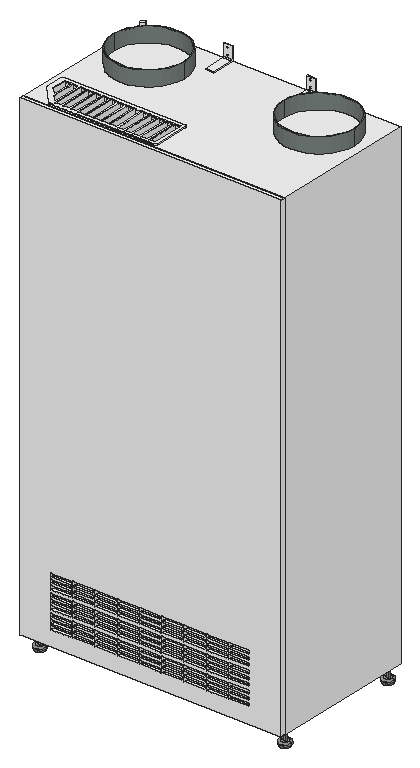
Revit family "AME 900 F VV", category Mechanical Equipment, Revit 2019
Family settings
  Round Connector Dimension = Use Diameter
  Part Type = Normal
  OmniClass Number = 23.75.00.00
  OmniClass Title = Climate Control (HVAC)
  Work Plane-Based = No
  Always vertical = Yes
  Cut with Voids When Loaded = No
  Shared = No
  Room Calculation Point = No
Parameters
  Weight (Standard Unit) = 301.5  # constant formula
  Water heating surface in = "1/2\" (DN 15)"
  Water heating surface Return = "1/2\" (DN 15)"
  Water Heater Surface Return = 15 mm  # constant formula
  Water Heater Surface IN = 15 mm  # constant formula
  Version = "1.0"
  URL = "www.airmaster-as.com"
  Total Width = 1150 mm  # constant formula
  Total Hight = 2121 mm  # constant formula
  Suply Air In = 315 mm  # constant formula
  Publication date = "01.09.2024"
  Phase 1 - Max Power Consumption = "2.790 w"
  Phase 1 - Max Current = "12,7A"
  Nominal current, electrical preheating surface = "6,5 A"
  Nominal current, electrical comfort heating surface = "4,4 A"
  Nominal current, air handling unit = "1,8 A"
  Network Conection = "AWG 24 CAT 5e STP"
  Model = "AME 900 F VV"
  Max. flow rate 35 dB(A) with ePM10 55% filters = 912.00 m³  # constant formula
  Max. flow rate 35 dB(A) with ePM10 50% filters = 915.00 m³  # constant formula
  Max. flow rate 30 dB(A) with ePM10 55% filters = 715.00 m³  # constant formula
  Max. flow rate 30 dB(A) with ePM10 50% filters = 730.00 m³  # constant formula
  Manufacturer = "Airmaster A/S"
  Maintenance [instance] = no
  Exhaust Air = 315 mm  # constant formula
  Total Depth = 660 mm  # constant formula
  Electrical connection = "1 ~ 230 V / N / PE / 50 Hz"
  Drawn By = "LSB"
  Condensate conector = "Ø6/9 mm"
  Condensate = 9 mm  # constant formula
  BMS Panel = "(PTS) 2x2x0,6"
  BMS Out = "(PTS) 2x2x0,6"
  BMS IN = "(PTS) 2x2x0,6"
  Airflow area [instance] = no
  Air flow area [instance] = Airflow
Reference planes
  plane 1 "Center (Front/Back)": y = 0
  plane 2: z = 0
  plane 3 "Center (Left/Right)": x = 0
  plane 4 "Center L/S": y = -660
  plane 5 "Center L/T": x = -575
  plane 6 "Center L/U": x = 575
  plane 7: y = -26
Forms (mm)
  Extrusion 1, solid, material "AM White"
    sketch origin (0, 0, 73.598) x (1, 0, 0) y (0, 1, 0)
      loop
        line (-575, 0) -> (-575, -640) -> (575, -640) -> (575, 0) -> (-575, 0)
    from 0 to 2120
  Extrusion 2, solid, material "AM White", detail levels fine
    sketch origin (0, -660, 73.598) x (1, 0, 0) y (0, 0, -1)
      loop
        arc (-572.5, 0) -> (-574.268, -0.732) -> (-575, -2.5) r 2.5
        line (-575, -2.5) -> (-575, -2117.5)
        arc (-575, -2117.5) -> (-574.268, -2119.268) -> (-572.5, -2120) r 2.5
        line (-572.5, -2120) -> (572.5, -2120)
        arc (572.5, -2120) -> (574.268, -2119.268) -> (575, -2117.5) r 2.5
        line (575, -2117.5) -> (575, -2.5)
        arc (575, -2.5) -> (574.268, -0.732) -> (572.5, 0) r 2.5
        line (572.5, 0) -> (-572.5, 0)
    from 0 to 20
  Extrusion 3, solid, material "AM White", detail levels fine
    sketch origin (-164, -474.5, 72.198) x (0, 1, 0) y (0, 0, -1)
      loop
        arc (474.5, -2128.4) -> (472.743, -2124.157) -> (468.5, -2122.4) r 6
        line (468.5, -2122.4) -> (369.5, -2122.4) -> (369.5, -2125.4) -> (468.5, -2125.4)
        arc (468.5, -2125.4) -> (470.621, -2126.279) -> (471.5, -2128.4) r 3
        line (471.5, -2128.4) -> (471.5, -2181.4) -> (474.5, -2181.4) -> (474.5, -2128.4)
    from 0 to 38
  Extrusion 4, solid, material "AM White", detail levels fine
    sketch origin (202, -474.5, 72.198) x (0, 1, 0) y (0, 0, -1)
      loop
        arc (474.5, -2128.4) -> (472.743, -2124.157) -> (468.5, -2122.4) r 6
        line (468.5, -2122.4) -> (369.5, -2122.4) -> (369.5, -2125.4) -> (468.5, -2125.4)
        arc (468.5, -2125.4) -> (470.621, -2126.279) -> (471.5, -2128.4) r 3
        line (471.5, -2128.4) -> (471.5, -2181.4) -> (474.5, -2181.4) -> (474.5, -2128.4)
    from 0 to 38
  Extrusion 5, void
    sketch origin (0, -660, 108.598) x (1, 0, 0) y (0, 0, -1)
      loop
        arc (-438.016, -35) -> (-438.712, -35.288) -> (-439, -35.984) r 0.984
        line (-439, -35.984) -> (-439, -53.016)
        arc (-439, -53.016) -> (-438.712, -53.712) -> (-438.016, -54) r 0.984
        line (-438.016, -54) -> (-346.984, -54)
        arc (-346.984, -54) -> (-346.288, -53.712) -> (-346, -53.016) r 0.984
        line (-346, -53.016) -> (-346, -35.984)
        arc (-346, -35.984) -> (-346.288, -35.288) -> (-346.984, -35) r 0.984
        line (-346.984, -35) -> (-438.016, -35)
      loop
        arc (-438.016, -59) -> (-438.712, -59.288) -> (-439, -59.984) r 0.984
        line (-439, -59.984) -> (-439, -77.016)
        arc (-439, -77.016) -> (-438.712, -77.712) -> (-438.016, -78) r 0.984
        line (-438.016, -78) -> (-346.984, -78)
        arc (-346.984, -78) -> (-346.288, -77.712) -> (-346, -77.016) r 0.984
        line (-346, -77.016) -> (-346, -59.984)
        arc (-346, -59.984) -> (-346.288, -59.288) -> (-346.984, -59) r 0.984
        line (-346.984, -59) -> (-438.016, -59)
      loop
        arc (-438.016, -83) -> (-438.712, -83.288) -> (-439, -83.984) r 0.984
        line (-439, -83.984) -> (-439, -101.016)
        arc (-439, -101.016) -> (-438.712, -101.712) -> (-438.016, -102) r 0.984
        line (-438.016, -102) -> (-346.984, -102)
        arc (-346.984, -102) -> (-346.288, -101.712) -> (-346, -101.016) r 0.984
        line (-346, -101.016) -> (-346, -83.984)
        arc (-346, -83.984) -> (-346.288, -83.288) -> (-346.984, -83) r 0.984
        line (-346.984, -83) -> (-438.016, -83)
      loop
        arc (-438.016, -114) -> (-438.712, -114.288) -> (-439, -114.984) r 0.984
        line (-439, -114.984) -> (-439, -132.016)
        arc (-439, -132.016) -> (-438.712, -132.712) -> (-438.016, -133) r 0.984
        line (-438.016, -133) -> (-346.984, -133)
        arc (-346.984, -133) -> (-346.288, -132.712) -> (-346, -132.016) r 0.984
        line (-346, -132.016) -> (-346, -114.984)
        arc (-346, -114.984) -> (-346.288, -114.288) -> (-346.984, -114) r 0.984
        line (-346.984, -114) -> (-438.016, -114)
      loop
        arc (-438.016, -138) -> (-438.712, -138.288) -> (-439, -138.984) r 0.984
        line (-439, -138.984) -> (-439, -156.016)
        arc (-439, -156.016) -> (-438.712, -156.712) -> (-438.016, -157) r 0.984
        line (-438.016, -157) -> (-346.984, -157)
        arc (-346.984, -157) -> (-346.288, -156.712) -> (-346, -156.016) r 0.984
        line (-346, -156.016) -> (-346, -138.984)
        arc (-346, -138.984) -> (-346.288, -138.288) -> (-346.984, -138) r 0.984
        line (-346.984, -138) -> (-438.016, -138)
      loop
        arc (-438.016, -162) -> (-438.712, -162.288) -> (-439, -162.984) r 0.984
        line (-439, -162.984) -> (-439, -180.016)
        arc (-439, -180.016) -> (-438.712, -180.712) -> (-438.016, -181) r 0.984
        line (-438.016, -181) -> (-346.984, -181)
        arc (-346.984, -181) -> (-346.288, -180.712) -> (-346, -180.016) r 0.984
        line (-346, -180.016) -> (-346, -162.984)
        arc (-346, -162.984) -> (-346.288, -162.288) -> (-346.984, -162) r 0.984
        line (-346.984, -162) -> (-438.016, -162)
      loop
        arc (-438.016, -193) -> (-438.712, -193.288) -> (-439, -193.984) r 0.984
        line (-439, -193.984) -> (-439, -211.016)
        arc (-439, -211.016) -> (-438.712, -211.712) -> (-438.016, -212) r 0.984
        line (-438.016, -212) -> (-346.984, -212)
        arc (-346.984, -212) -> (-346.288, -211.712) -> (-346, -211.016) r 0.984
        line (-346, -211.016) -> (-346, -193.984)
        arc (-346, -193.984) -> (-346.288, -193.288) -> (-346.984, -193) r 0.984
        line (-346.984, -193) -> (-438.016, -193)
      loop
        arc (-438.016, -217) -> (-438.712, -217.288) -> (-439, -217.984) r 0.984
        line (-439, -217.984) -> (-439, -235.016)
        arc (-439, -235.016) -> (-438.712, -235.712) -> (-438.016, -236) r 0.984
        line (-438.016, -236) -> (-346.984, -236)
        arc (-346.984, -236) -> (-346.288, -235.712) -> (-346, -235.016) r 0.984
        line (-346, -235.016) -> (-346, -217.984)
        arc (-346, -217.984) -> (-346.288, -217.288) -> (-346.984, -217) r 0.984
        line (-346.984, -217) -> (-438.016, -217)
      loop
        arc (-438.016, -241) -> (-438.712, -241.288) -> (-439, -241.984) r 0.984
        line (-439, -241.984) -> (-439, -259.016)
        arc (-439, -259.016) -> (-438.712, -259.712) -> (-438.016, -260) r 0.984
        line (-438.016, -260) -> (-346.984, -260)
        arc (-346.984, -260) -> (-346.288, -259.712) -> (-346, -259.016) r 0.984
        line (-346, -259.016) -> (-346, -241.984)
        arc (-346, -241.984) -> (-346.288, -241.288) -> (-346.984, -241) r 0.984
        line (-346.984, -241) -> (-438.016, -241)
      loop
        arc (-340.016, -35) -> (-340.712, -35.288) -> (-341, -35.984) r 0.984
        line (-341, -35.984) -> (-341, -53.016)
        arc (-341, -53.016) -> (-340.712, -53.712) -> (-340.016, -54) r 0.984
        line (-340.016, -54) -> (-248.984, -54)
        arc (-248.984, -54) -> (-248.288, -53.712) -> (-248, -53.016) r 0.984
        line (-248, -53.016) -> (-248, -35.984)
        arc (-248, -35.984) -> (-248.288, -35.288) -> (-248.984, -35) r 0.984
        line (-248.984, -35) -> (-340.016, -35)
      loop
        arc (-340.016, -59) -> (-340.712, -59.288) -> (-341, -59.984) r 0.984
        line (-341, -59.984) -> (-341, -77.016)
        arc (-341, -77.016) -> (-340.712, -77.712) -> (-340.016, -78) r 0.984
        line (-340.016, -78) -> (-248.984, -78)
        arc (-248.984, -78) -> (-248.288, -77.712) -> (-248, -77.016) r 0.984
        line (-248, -77.016) -> (-248, -59.984)
        arc (-248, -59.984) -> (-248.288, -59.288) -> (-248.984, -59) r 0.984
        line (-248.984, -59) -> (-340.016, -59)
      loop
        arc (-340.016, -83) -> (-340.712, -83.288) -> (-341, -83.984) r 0.984
        line (-341, -83.984) -> (-341, -101.016)
        arc (-341, -101.016) -> (-340.712, -101.712) -> (-340.016, -102) r 0.984
        line (-340.016, -102) -> (-248.984, -102)
        arc (-248.984, -102) -> (-248.288, -101.712) -> (-248, -101.016) r 0.984
        line (-248, -101.016) -> (-248, -83.984)
        arc (-248, -83.984) -> (-248.288, -83.288) -> (-248.984, -83) r 0.984
        line (-248.984, -83) -> (-340.016, -83)
      loop
        arc (-340.016, -114) -> (-340.712, -114.288) -> (-341, -114.984) r 0.984
        line (-341, -114.984) -> (-341, -132.016)
        arc (-341, -132.016) -> (-340.712, -132.712) -> (-340.016, -133) r 0.984
        line (-340.016, -133) -> (-248.984, -133)
        arc (-248.984, -133) -> (-248.288, -132.712) -> (-248, -132.016) r 0.984
        line (-248, -132.016) -> (-248, -114.984)
        arc (-248, -114.984) -> (-248.288, -114.288) -> (-248.984, -114) r 0.984
        line (-248.984, -114) -> (-340.016, -114)
      loop
        arc (-340.016, -138) -> (-340.712, -138.288) -> (-341, -138.984) r 0.984
        line (-341, -138.984) -> (-341, -156.016)
        arc (-341, -156.016) -> (-340.712, -156.712) -> (-340.016, -157) r 0.984
        line (-340.016, -157) -> (-248.984, -157)
        arc (-248.984, -157) -> (-248.288, -156.712) -> (-248, -156.016) r 0.984
        line (-248, -156.016) -> (-248, -138.984)
        arc (-248, -138.984) -> (-248.288, -138.288) -> (-248.984, -138) r 0.984
        line (-248.984, -138) -> (-340.016, -138)
      loop
        arc (-340.016, -162) -> (-340.712, -162.288) -> (-341, -162.984) r 0.984
        line (-341, -162.984) -> (-341, -180.016)
        arc (-341, -180.016) -> (-340.712, -180.712) -> (-340.016, -181) r 0.984
        line (-340.016, -181) -> (-248.984, -181)
        arc (-248.984, -181) -> (-248.288, -180.712) -> (-248, -180.016) r 0.984
        line (-248, -180.016) -> (-248, -162.984)
        arc (-248, -162.984) -> (-248.288, -162.288) -> (-248.984, -162) r 0.984
        line (-248.984, -162) -> (-340.016, -162)
      loop
        arc (-340.016, -193) -> (-340.712, -193.288) -> (-341, -193.984) r 0.984
        line (-341, -193.984) -> (-341, -211.016)
        arc (-341, -211.016) -> (-340.712, -211.712) -> (-340.016, -212) r 0.984
        line (-340.016, -212) -> (-248.984, -212)
        arc (-248.984, -212) -> (-248.288, -211.712) -> (-248, -211.016) r 0.984
        line (-248, -211.016) -> (-248, -193.984)
        arc (-248, -193.984) -> (-248.288, -193.288) -> (-248.984, -193) r 0.984
        line (-248.984, -193) -> (-340.016, -193)
      loop
        arc (-340.016, -217) -> (-340.712, -217.288) -> (-341, -217.984) r 0.984
        line (-341, -217.984) -> (-341, -235.016)
        arc (-341, -235.016) -> (-340.712, -235.712) -> (-340.016, -236) r 0.984
        line (-340.016, -236) -> (-248.984, -236)
        arc (-248.984, -236) -> (-248.288, -235.712) -> (-248, -235.016) r 0.984
        line (-248, -235.016) -> (-248, -217.984)
        arc (-248, -217.984) -> (-248.288, -217.288) -> (-248.984, -217) r 0.984
        line (-248.984, -217) -> (-340.016, -217)
      loop
        arc (-340.016, -241) -> (-340.712, -241.288) -> (-341, -241.984) r 0.984
        line (-341, -241.984) -> (-341, -259.016)
        arc (-341, -259.016) -> (-340.712, -259.712) -> (-340.016, -260) r 0.984
        line (-340.016, -260) -> (-248.984, -260)
        arc (-248.984, -260) -> (-248.288, -259.712) -> (-248, -259.016) r 0.984
        line (-248, -259.016) -> (-248, -241.984)
        arc (-248, -241.984) -> (-248.288, -241.288) -> (-248.984, -241) r 0.984
        line (-248.984, -241) -> (-340.016, -241)
      loop
        arc (-242.016, -35) -> (-242.712, -35.288) -> (-243, -35.984) r 0.984
        line (-243, -35.984) -> (-243, -53.016)
        arc (-243, -53.016) -> (-242.712, -53.712) -> (-242.016, -54) r 0.984
        line (-242.016, -54) -> (-150.984, -54)
        arc (-150.984, -54) -> (-150.288, -53.712) -> (-150, -53.016) r 0.984
        line (-150, -53.016) -> (-150, -35.984)
        arc (-150, -35.984) -> (-150.288, -35.288) -> (-150.984, -35) r 0.984
        line (-150.984, -35) -> (-242.016, -35)
      loop
        arc (-242.016, -59) -> (-242.712, -59.288) -> (-243, -59.984) r 0.984
        line (-243, -59.984) -> (-243, -77.016)
        arc (-243, -77.016) -> (-242.712, -77.712) -> (-242.016, -78) r 0.984
        line (-242.016, -78) -> (-150.984, -78)
        arc (-150.984, -78) -> (-150.288, -77.712) -> (-150, -77.016) r 0.984
        line (-150, -77.016) -> (-150, -59.984)
        arc (-150, -59.984) -> (-150.288, -59.288) -> (-150.984, -59) r 0.984
        line (-150.984, -59) -> (-242.016, -59)
      loop
        arc (-242.016, -83) -> (-242.712, -83.288) -> (-243, -83.984) r 0.984
        line (-243, -83.984) -> (-243, -101.016)
        arc (-243, -101.016) -> (-242.712, -101.712) -> (-242.016, -102) r 0.984
        line (-242.016, -102) -> (-150.984, -102)
        arc (-150.984, -102) -> (-150.288, -101.712) -> (-150, -101.016) r 0.984
        line (-150, -101.016) -> (-150, -83.984)
        arc (-150, -83.984) -> (-150.288, -83.288) -> (-150.984, -83) r 0.984
        line (-150.984, -83) -> (-242.016, -83)
      loop
        arc (-242.016, -114) -> (-242.712, -114.288) -> (-243, -114.984) r 0.984
        line (-243, -114.984) -> (-243, -132.016)
        arc (-243, -132.016) -> (-242.712, -132.712) -> (-242.016, -133) r 0.984
        line (-242.016, -133) -> (-150.984, -133)
        arc (-150.984, -133) -> (-150.288, -132.712) -> (-150, -132.016) r 0.984
        line (-150, -132.016) -> (-150, -114.984)
        arc (-150, -114.984) -> (-150.288, -114.288) -> (-150.984, -114) r 0.984
        line (-150.984, -114) -> (-242.016, -114)
      loop
        arc (-242.016, -138) -> (-242.712, -138.288) -> (-243, -138.984) r 0.984
        line (-243, -138.984) -> (-243, -156.016)
        arc (-243, -156.016) -> (-242.712, -156.712) -> (-242.016, -157) r 0.984
        line (-242.016, -157) -> (-150.984, -157)
        arc (-150.984, -157) -> (-150.288, -156.712) -> (-150, -156.016) r 0.984
        line (-150, -156.016) -> (-150, -138.984)
        arc (-150, -138.984) -> (-150.288, -138.288) -> (-150.984, -138) r 0.984
        line (-150.984, -138) -> (-242.016, -138)
      loop
        arc (-242.016, -162) -> (-242.712, -162.288) -> (-243, -162.984) r 0.984
        line (-243, -162.984) -> (-243, -180.016)
        arc (-243, -180.016) -> (-242.712, -180.712) -> (-242.016, -181) r 0.984
        line (-242.016, -181) -> (-150.984, -181)
        arc (-150.984, -181) -> (-150.288, -180.712) -> (-150, -180.016) r 0.984
        line (-150, -180.016) -> (-150, -162.984)
        arc (-150, -162.984) -> (-150.288, -162.288) -> (-150.984, -162) r 0.984
        line (-150.984, -162) -> (-242.016, -162)
      loop
        arc (-242.016, -193) -> (-242.712, -193.288) -> (-243, -193.984) r 0.984
        line (-243, -193.984) -> (-243, -211.016)
        arc (-243, -211.016) -> (-242.712, -211.712) -> (-242.016, -212) r 0.984
        line (-242.016, -212) -> (-150.984, -212)
        arc (-150.984, -212) -> (-150.288, -211.712) -> (-150, -211.016) r 0.984
        line (-150, -211.016) -> (-150, -193.984)
        arc (-150, -193.984) -> (-150.288, -193.288) -> (-150.984, -193) r 0.984
        line (-150.984, -193) -> (-242.016, -193)
      loop
        arc (-242.016, -217) -> (-242.712, -217.288) -> (-243, -217.984) r 0.984
        line (-243, -217.984) -> (-243, -235.016)
        arc (-243, -235.016) -> (-242.712, -235.712) -> (-242.016, -236) r 0.984
        line (-242.016, -236) -> (-150.984, -236)
        arc (-150.984, -236) -> (-150.288, -235.712) -> (-150, -235.016) r 0.984
        line (-150, -235.016) -> (-150, -217.984)
        arc (-150, -217.984) -> (-150.288, -217.288) -> (-150.984, -217) r 0.984
        line (-150.984, -217) -> (-242.016, -217)
      loop
        arc (-242.016, -241) -> (-242.712, -241.288) -> (-243, -241.984) r 0.984
        line (-243, -241.984) -> (-243, -259.016)
        arc (-243, -259.016) -> (-242.712, -259.712) -> (-242.016, -260) r 0.984
        line (-242.016, -260) -> (-150.984, -260)
        arc (-150.984, -260) -> (-150.288, -259.712) -> (-150, -259.016) r 0.984
        line (-150, -259.016) -> (-150, -241.984)
        arc (-150, -241.984) -> (-150.288, -241.288) -> (-150.984, -241) r 0.984
        line (-150.984, -241) -> (-242.016, -241)
      loop
        arc (-144.016, -35) -> (-144.712, -35.288) -> (-145, -35.984) r 0.984
        line (-145, -35.984) -> (-145, -53.016)
        arc (-145, -53.016) -> (-144.712, -53.712) -> (-144.016, -54) r 0.984
        line (-144.016, -54) -> (-52.984, -54)
        arc (-52.984, -54) -> (-52.288, -53.712) -> (-52, -53.016) r 0.984
        line (-52, -53.016) -> (-52, -35.984)
        arc (-52, -35.984) -> (-52.288, -35.288) -> (-52.984, -35) r 0.984
        line (-52.984, -35) -> (-144.016, -35)
      loop
        arc (-144.016, -59) -> (-144.712, -59.288) -> (-145, -59.984) r 0.984
        line (-145, -59.984) -> (-145, -77.016)
        arc (-145, -77.016) -> (-144.712, -77.712) -> (-144.016, -78) r 0.984
        line (-144.016, -78) -> (-52.984, -78)
        arc (-52.984, -78) -> (-52.288, -77.712) -> (-52, -77.016) r 0.984
        line (-52, -77.016) -> (-52, -59.984)
        arc (-52, -59.984) -> (-52.288, -59.288) -> (-52.984, -59) r 0.984
        line (-52.984, -59) -> (-144.016, -59)
      loop
        arc (-144.016, -83) -> (-144.712, -83.288) -> (-145, -83.984) r 0.984
        line (-145, -83.984) -> (-145, -101.016)
        arc (-145, -101.016) -> (-144.712, -101.712) -> (-144.016, -102) r 0.984
        line (-144.016, -102) -> (-52.984, -102)
        arc (-52.984, -102) -> (-52.288, -101.712) -> (-52, -101.016) r 0.984
        line (-52, -101.016) -> (-52, -83.984)
        arc (-52, -83.984) -> (-52.288, -83.288) -> (-52.984, -83) r 0.984
        line (-52.984, -83) -> (-144.016, -83)
      loop
        arc (-144.016, -114) -> (-144.712, -114.288) -> (-145, -114.984) r 0.984
        line (-145, -114.984) -> (-145, -132.016)
        arc (-145, -132.016) -> (-144.712, -132.712) -> (-144.016, -133) r 0.984
        line (-144.016, -133) -> (-52.984, -133)
        arc (-52.984, -133) -> (-52.288, -132.712) -> (-52, -132.016) r 0.984
        line (-52, -132.016) -> (-52, -114.984)
        arc (-52, -114.984) -> (-52.288, -114.288) -> (-52.984, -114) r 0.984
        line (-52.984, -114) -> (-144.016, -114)
      loop
        arc (-144.016, -138) -> (-144.712, -138.288) -> (-145, -138.984) r 0.984
        line (-145, -138.984) -> (-145, -156.016)
        arc (-145, -156.016) -> (-144.712, -156.712) -> (-144.016, -157) r 0.984
        line (-144.016, -157) -> (-52.984, -157)
        arc (-52.984, -157) -> (-52.288, -156.712) -> (-52, -156.016) r 0.984
        line (-52, -156.016) -> (-52, -138.984)
        arc (-52, -138.984) -> (-52.288, -138.288) -> (-52.984, -138) r 0.984
        line (-52.984, -138) -> (-144.016, -138)
      loop
        arc (-144.016, -162) -> (-144.712, -162.288) -> (-145, -162.984) r 0.984
        line (-145, -162.984) -> (-145, -180.016)
        arc (-145, -180.016) -> (-144.712, -180.712) -> (-144.016, -181) r 0.984
        line (-144.016, -181) -> (-52.984, -181)
        arc (-52.984, -181) -> (-52.288, -180.712) -> (-52, -180.016) r 0.984
        line (-52, -180.016) -> (-52, -162.984)
        arc (-52, -162.984) -> (-52.288, -162.288) -> (-52.984, -162) r 0.984
        line (-52.984, -162) -> (-144.016, -162)
      loop
        arc (-144.016, -193) -> (-144.712, -193.288) -> (-145, -193.984) r 0.984
        line (-145, -193.984) -> (-145, -211.016)
        arc (-145, -211.016) -> (-144.712, -211.712) -> (-144.016, -212) r 0.984
        line (-144.016, -212) -> (-52.984, -212)
        arc (-52.984, -212) -> (-52.288, -211.712) -> (-52, -211.016) r 0.984
        line (-52, -211.016) -> (-52, -193.984)
        arc (-52, -193.984) -> (-52.288, -193.288) -> (-52.984, -193) r 0.984
        line (-52.984, -193) -> (-144.016, -193)
      loop
        arc (-144.016, -217) -> (-144.712, -217.288) -> (-145, -217.984) r 0.984
        line (-145, -217.984) -> (-145, -235.016)
        arc (-145, -235.016) -> (-144.712, -235.712) -> (-144.016, -236) r 0.984
        line (-144.016, -236) -> (-52.984, -236)
        arc (-52.984, -236) -> (-52.288, -235.712) -> (-52, -235.016) r 0.984
        line (-52, -235.016) -> (-52, -217.984)
        arc (-52, -217.984) -> (-52.288, -217.288) -> (-52.984, -217) r 0.984
        line (-52.984, -217) -> (-144.016, -217)
      loop
        arc (-144.016, -241) -> (-144.712, -241.288) -> (-145, -241.984) r 0.984
        line (-145, -241.984) -> (-145, -259.016)
        arc (-145, -259.016) -> (-144.712, -259.712) -> (-144.016, -260) r 0.984
        line (-144.016, -260) -> (-52.984, -260)
        arc (-52.984, -260) -> (-52.288, -259.712) -> (-52, -259.016) r 0.984
        line (-52, -259.016) -> (-52, -241.984)
        arc (-52, -241.984) -> (-52.288, -241.288) -> (-52.984, -241) r 0.984
        line (-52.984, -241) -> (-144.016, -241)
      loop
        arc (-46.016, -35) -> (-46.712, -35.288) -> (-47, -35.984) r 0.984
        line (-47, -35.984) -> (-47, -53.016)
        arc (-47, -53.016) -> (-46.712, -53.712) -> (-46.016, -54) r 0.984
        line (-46.016, -54) -> (45.016, -54)
        arc (45.016, -54) -> (45.712, -53.712) -> (46, -53.016) r 0.984
        line (46, -53.016) -> (46, -35.984)
        arc (46, -35.984) -> (45.712, -35.288) -> (45.016, -35) r 0.984
        line (45.016, -35) -> (-46.016, -35)
      loop
        arc (-46.016, -59) -> (-46.712, -59.288) -> (-47, -59.984) r 0.984
        line (-47, -59.984) -> (-47, -77.016)
        arc (-47, -77.016) -> (-46.712, -77.712) -> (-46.016, -78) r 0.984
        line (-46.016, -78) -> (45.016, -78)
        arc (45.016, -78) -> (45.712, -77.712) -> (46, -77.016) r 0.984
        line (46, -77.016) -> (46, -59.984)
        arc (46, -59.984) -> (45.712, -59.288) -> (45.016, -59) r 0.984
        line (45.016, -59) -> (-46.016, -59)
      loop
        arc (-46.016, -83) -> (-46.712, -83.288) -> (-47, -83.984) r 0.984
        line (-47, -83.984) -> (-47, -101.016)
        arc (-47, -101.016) -> (-46.712, -101.712) -> (-46.016, -102) r 0.984
        line (-46.016, -102) -> (45.016, -102)
        arc (45.016, -102) -> (45.712, -101.712) -> (46, -101.016) r 0.984
        line (46, -101.016) -> (46, -83.984)
        arc (46, -83.984) -> (45.712, -83.288) -> (45.016, -83) r 0.984
        line (45.016, -83) -> (-46.016, -83)
      loop
        arc (-46.016, -114) -> (-46.712, -114.288) -> (-47, -114.984) r 0.984
        line (-47, -114.984) -> (-47, -132.016)
        arc (-47, -132.016) -> (-46.712, -132.712) -> (-46.016, -133) r 0.984
        line (-46.016, -133) -> (45.016, -133)
        arc (45.016, -133) -> (45.712, -132.712) -> (46, -132.016) r 0.984
        line (46, -132.016) -> (46, -114.984)
        arc (46, -114.984) -> (45.712, -114.288) -> (45.016, -114) r 0.984
        line (45.016, -114) -> (-46.016, -114)
      loop
        arc (-46.016, -138) -> (-46.712, -138.288) -> (-47, -138.984) r 0.984
        line (-47, -138.984) -> (-47, -156.016)
        arc (-47, -156.016) -> (-46.712, -156.712) -> (-46.016, -157) r 0.984
        line (-46.016, -157) -> (45.016, -157)
        arc (45.016, -157) -> (45.712, -156.712) -> (46, -156.016) r 0.984
        line (46, -156.016) -> (46, -138.984)
        arc (46, -138.984) -> (45.712, -138.288) -> (45.016, -138) r 0.984
        line (45.016, -138) -> (-46.016, -138)
      loop
        arc (-46.016, -162) -> (-46.712, -162.288) -> (-47, -162.984) r 0.984
        line (-47, -162.984) -> (-47, -180.016)
        arc (-47, -180.016) -> (-46.712, -180.712) -> (-46.016, -181) r 0.984
        line (-46.016, -181) -> (45.016, -181)
        arc (45.016, -181) -> (45.712, -180.712) -> (46, -180.016) r 0.984
        line (46, -180.016) -> (46, -162.984)
        arc (46, -162.984) -> (45.712, -162.288) -> (45.016, -162) r 0.984
        line (45.016, -162) -> (-46.016, -162)
      loop
        arc (-46.016, -193) -> (-46.712, -193.288) -> (-47, -193.984) r 0.984
        line (-47, -193.984) -> (-47, -211.016)
        arc (-47, -211.016) -> (-46.712, -211.712) -> (-46.016, -212) r 0.984
        line (-46.016, -212) -> (45.016, -212)
        arc (45.016, -212) -> (45.712, -211.712) -> (46, -211.016) r 0.984
        line (46, -211.016) -> (46, -193.984)
        arc (46, -193.984) -> (45.712, -193.288) -> (45.016, -193) r 0.984
        line (45.016, -193) -> (-46.016, -193)
      loop
        arc (-46.016, -217) -> (-46.712, -217.288) -> (-47, -217.984) r 0.984
        line (-47, -217.984) -> (-47, -235.016)
        arc (-47, -235.016) -> (-46.712, -235.712) -> (-46.016, -236) r 0.984
        line (-46.016, -236) -> (45.016, -236)
        arc (45.016, -236) -> (45.712, -235.712) -> (46, -235.016) r 0.984
        line (46, -235.016) -> (46, -217.984)
        arc (46, -217.984) -> (45.712, -217.288) -> (45.016, -217) r 0.984
        line (45.016, -217) -> (-46.016, -217)
      loop
        arc (-46.016, -241) -> (-46.712, -241.288) -> (-47, -241.984) r 0.984
        line (-47, -241.984) -> (-47, -259.016)
        arc (-47, -259.016) -> (-46.712, -259.712) -> (-46.016, -260) r 0.984
        line (-46.016, -260) -> (45.016, -260)
        arc (45.016, -260) -> (45.712, -259.712) -> (46, -259.016) r 0.984
        line (46, -259.016) -> (46, -241.984)
        arc (46, -241.984) -> (45.712, -241.288) -> (45.016, -241) r 0.984
        line (45.016, -241) -> (-46.016, -241)
      loop
        arc (51.984, -35) -> (51.288, -35.288) -> (51, -35.984) r 0.984
        line (51, -35.984) -> (51, -53.016)
        arc (51, -53.016) -> (51.288, -53.712) -> (51.984, -54) r 0.984
        line (51.984, -54) -> (143.016, -54)
        arc (143.016, -54) -> (143.712, -53.712) -> (144, -53.016) r 0.984
        line (144, -53.016) -> (144, -35.984)
        arc (144, -35.984) -> (143.712, -35.288) -> (143.016, -35) r 0.984
        line (143.016, -35) -> (51.984, -35)
      loop
        arc (51.984, -59) -> (51.288, -59.288) -> (51, -59.984) r 0.984
        line (51, -59.984) -> (51, -77.016)
        arc (51, -77.016) -> (51.288, -77.712) -> (51.984, -78) r 0.984
        line (51.984, -78) -> (143.016, -78)
        arc (143.016, -78) -> (143.712, -77.712) -> (144, -77.016) r 0.984
        line (144, -77.016) -> (144, -59.984)
        arc (144, -59.984) -> (143.712, -59.288) -> (143.016, -59) r 0.984
        line (143.016, -59) -> (51.984, -59)
      loop
        arc (51.984, -83) -> (51.288, -83.288) -> (51, -83.984) r 0.984
        line (51, -83.984) -> (51, -101.016)
        arc (51, -101.016) -> (51.288, -101.712) -> (51.984, -102) r 0.984
        line (51.984, -102) -> (143.016, -102)
        arc (143.016, -102) -> (143.712, -101.712) -> (144, -101.016) r 0.984
        line (144, -101.016) -> (144, -83.984)
        arc (144, -83.984) -> (143.712, -83.288) -> (143.016, -83) r 0.984
        line (143.016, -83) -> (51.984, -83)
      loop
        arc (51.984, -114) -> (51.288, -114.288) -> (51, -114.984) r 0.984
        line (51, -114.984) -> (51, -132.016)
        arc (51, -132.016) -> (51.288, -132.712) -> (51.984, -133) r 0.984
        line (51.984, -133) -> (143.016, -133)
        arc (143.016, -133) -> (143.712, -132.712) -> (144, -132.016) r 0.984
        line (144, -132.016) -> (144, -114.984)
        arc (144, -114.984) -> (143.712, -114.288) -> (143.016, -114) r 0.984
        line (143.016, -114) -> (51.984, -114)
      loop
        arc (51.984, -138) -> (51.288, -138.288) -> (51, -138.984) r 0.984
        line (51, -138.984) -> (51, -156.016)
        arc (51, -156.016) -> (51.288, -156.712) -> (51.984, -157) r 0.984
        line (51.984, -157) -> (143.016, -157)
        arc (143.016, -157) -> (143.712, -156.712) -> (144, -156.016) r 0.984
        line (144, -156.016) -> (144, -138.984)
        arc (144, -138.984) -> (143.712, -138.288) -> (143.016, -138) r 0.984
        line (143.016, -138) -> (51.984, -138)
      loop
        arc (51.984, -162) -> (51.288, -162.288) -> (51, -162.984) r 0.984
        line (51, -162.984) -> (51, -180.016)
        arc (51, -180.016) -> (51.288, -180.712) -> (51.984, -181) r 0.984
        line (51.984, -181) -> (143.016, -181)
        arc (143.016, -181) -> (143.712, -180.712) -> (144, -180.016) r 0.984
        line (144, -180.016) -> (144, -162.984)
        arc (144, -162.984) -> (143.712, -162.288) -> (143.016, -162) r 0.984
        line (143.016, -162) -> (51.984, -162)
      loop
        arc (51.984, -193) -> (51.288, -193.288) -> (51, -193.984) r 0.984
        line (51, -193.984) -> (51, -211.016)
        arc (51, -211.016) -> (51.288, -211.712) -> (51.984, -212) r 0.984
        line (51.984, -212) -> (143.016, -212)
        arc (143.016, -212) -> (143.712, -211.712) -> (144, -211.016) r 0.984
        line (144, -211.016) -> (144, -193.984)
        arc (144, -193.984) -> (143.712, -193.288) -> (143.016, -193) r 0.984
        line (143.016, -193) -> (51.984, -193)
      loop
        arc (51.984, -217) -> (51.288, -217.288) -> (51, -217.984) r 0.984
        line (51, -217.984) -> (51, -235.016)
        arc (51, -235.016) -> (51.288, -235.712) -> (51.984, -236) r 0.984
        line (51.984, -236) -> (143.016, -236)
        arc (143.016, -236) -> (143.712, -235.712) -> (144, -235.016) r 0.984
        line (144, -235.016) -> (144, -217.984)
        arc (144, -217.984) -> (143.712, -217.288) -> (143.016, -217) r 0.984
        line (143.016, -217) -> (51.984, -217)
      loop
        arc (51.984, -241) -> (51.288, -241.288) -> (51, -241.984) r 0.984
        line (51, -241.984) -> (51, -259.016)
        arc (51, -259.016) -> (51.288, -259.712) -> (51.984, -260) r 0.984
        line (51.984, -260) -> (143.016, -260)
        arc (143.016, -260) -> (143.712, -259.712) -> (144, -259.016) r 0.984
        line (144, -259.016) -> (144, -241.984)
        arc (144, -241.984) -> (143.712, -241.288) -> (143.016, -241) r 0.984
        line (143.016, -241) -> (51.984, -241)
      loop
        arc (149.984, -35) -> (149.288, -35.288) -> (149, -35.984) r 0.984
        line (149, -35.984) -> (149, -53.016)
        arc (149, -53.016) -> (149.288, -53.712) -> (149.984, -54) r 0.984
        line (149.984, -54) -> (241.016, -54)
        arc (241.016, -54) -> (241.712, -53.712) -> (242, -53.016) r 0.984
        line (242, -53.016) -> (242, -35.984)
        arc (242, -35.984) -> (241.712, -35.288) -> (241.016, -35) r 0.984
        line (241.016, -35) -> (149.984, -35)
      loop
        arc (149.984, -59) -> (149.288, -59.288) -> (149, -59.984) r 0.984
        line (149, -59.984) -> (149, -77.016)
        arc (149, -77.016) -> (149.288, -77.712) -> (149.984, -78) r 0.984
        line (149.984, -78) -> (241.016, -78)
        arc (241.016, -78) -> (241.712, -77.712) -> (242, -77.016) r 0.984
        line (242, -77.016) -> (242, -59.984)
        arc (242, -59.984) -> (241.712, -59.288) -> (241.016, -59) r 0.984
        line (241.016, -59) -> (149.984, -59)
      loop
        arc (149.984, -83) -> (149.288, -83.288) -> (149, -83.984) r 0.984
        line (149, -83.984) -> (149, -101.016)
        arc (149, -101.016) -> (149.288, -101.712) -> (149.984, -102) r 0.984
        line (149.984, -102) -> (241.016, -102)
        arc (241.016, -102) -> (241.712, -101.712) -> (242, -101.016) r 0.984
        line (242, -101.016) -> (242, -83.984)
        arc (242, -83.984) -> (241.712, -83.288) -> (241.016, -83) r 0.984
        line (241.016, -83) -> (149.984, -83)
      loop
        arc (149.984, -114) -> (149.288, -114.288) -> (149, -114.984) r 0.984
        line (149, -114.984) -> (149, -132.016)
        arc (149, -132.016) -> (149.288, -132.712) -> (149.984, -133) r 0.984
        line (149.984, -133) -> (241.016, -133)
        arc (241.016, -133) -> (241.712, -132.712) -> (242, -132.016) r 0.984
        line (242, -132.016) -> (242, -114.984)
        arc (242, -114.984) -> (241.712, -114.288) -> (241.016, -114) r 0.984
        line (241.016, -114) -> (149.984, -114)
      loop
        arc (149.984, -138) -> (149.288, -138.288) -> (149, -138.984) r 0.984
        line (149, -138.984) -> (149, -156.016)
        arc (149, -156.016) -> (149.288, -156.712) -> (149.984, -157) r 0.984
        line (149.984, -157) -> (241.016, -157)
        arc (241.016, -157) -> (241.712, -156.712) -> (242, -156.016) r 0.984
        line (242, -156.016) -> (242, -138.984)
        arc (242, -138.984) -> (241.712, -138.288) -> (241.016, -138) r 0.984
        line (241.016, -138) -> (149.984, -138)
      loop
        arc (149.984, -162) -> (149.288, -162.288) -> (149, -162.984) r 0.984
        line (149, -162.984) -> (149, -180.016)
        arc (149, -180.016) -> (149.288, -180.712) -> (149.984, -181) r 0.984
        line (149.984, -181) -> (241.016, -181)
        arc (241.016, -181) -> (241.712, -180.712) -> (242, -180.016) r 0.984
        line (242, -180.016) -> (242, -162.984)
        arc (242, -162.984) -> (241.712, -162.288) -> (241.016, -162) r 0.984
        line (241.016, -162) -> (149.984, -162)
      loop
        arc (149.984, -193) -> (149.288, -193.288) -> (149, -193.984) r 0.984
        line (149, -193.984) -> (149, -211.016)
        arc (149, -211.016) -> (149.288, -211.712) -> (149.984, -212) r 0.984
        line (149.984, -212) -> (241.016, -212)
        arc (241.016, -212) -> (241.712, -211.712) -> (242, -211.016) r 0.984
        line (242, -211.016) -> (242, -193.984)
        arc (242, -193.984) -> (241.712, -193.288) -> (241.016, -193) r 0.984
        line (241.016, -193) -> (149.984, -193)
      loop
        arc (149.984, -217) -> (149.288, -217.288) -> (149, -217.984) r 0.984
        line (149, -217.984) -> (149, -235.016)
        arc (149, -235.016) -> (149.288, -235.712) -> (149.984, -236) r 0.984
        line (149.984, -236) -> (241.016, -236)
        arc (241.016, -236) -> (241.712, -235.712) -> (242, -235.016) r 0.984
        line (242, -235.016) -> (242, -217.984)
        arc (242, -217.984) -> (241.712, -217.288) -> (241.016, -217) r 0.984
        line (241.016, -217) -> (149.984, -217)
      loop
        arc (149.984, -241) -> (149.288, -241.288) -> (149, -241.984) r 0.984
        line (149, -241.984) -> (149, -259.016)
        arc (149, -259.016) -> (149.288, -259.712) -> (149.984, -260) r 0.984
        line (149.984, -260) -> (241.016, -260)
        arc (241.016, -260) -> (241.712, -259.712) -> (242, -259.016) r 0.984
        line (242, -259.016) -> (242, -241.984)
        arc (242, -241.984) -> (241.712, -241.288) -> (241.016, -241) r 0.984
        line (241.016, -241) -> (149.984, -241)
      loop
        arc (247.984, -35) -> (247.288, -35.288) -> (247, -35.984) r 0.984
        line (247, -35.984) -> (247, -53.016)
        arc (247, -53.016) -> (247.288, -53.712) -> (247.984, -54) r 0.984
        line (247.984, -54) -> (339.016, -54)
        arc (339.016, -54) -> (339.712, -53.712) -> (340, -53.016) r 0.984
        line (340, -53.016) -> (340, -35.984)
        arc (340, -35.984) -> (339.712, -35.288) -> (339.016, -35) r 0.984
        line (339.016, -35) -> (247.984, -35)
      loop
        arc (247.984, -59) -> (247.288, -59.288) -> (247, -59.984) r 0.984
        line (247, -59.984) -> (247, -77.016)
        arc (247, -77.016) -> (247.288, -77.712) -> (247.984, -78) r 0.984
        line (247.984, -78) -> (339.016, -78)
        arc (339.016, -78) -> (339.712, -77.712) -> (340, -77.016) r 0.984
        line (340, -77.016) -> (340, -59.984)
        arc (340, -59.984) -> (339.712, -59.288) -> (339.016, -59) r 0.984
        line (339.016, -59) -> (247.984, -59)
      loop
        arc (247.984, -83) -> (247.288, -83.288) -> (247, -83.984) r 0.984
        line (247, -83.984) -> (247, -101.016)
        arc (247, -101.016) -> (247.288, -101.712) -> (247.984, -102) r 0.984
        line (247.984, -102) -> (339.016, -102)
        arc (339.016, -102) -> (339.712, -101.712) -> (340, -101.016) r 0.984
        line (340, -101.016) -> (340, -83.984)
        arc (340, -83.984) -> (339.712, -83.288) -> (339.016, -83) r 0.984
        line (339.016, -83) -> (247.984, -83)
      loop
        arc (247.984, -114) -> (247.288, -114.288) -> (247, -114.984) r 0.984
        line (247, -114.984) -> (247, -132.016)
        arc (247, -132.016) -> (247.288, -132.712) -> (247.984, -133) r 0.984
        line (247.984, -133) -> (339.016, -133)
        arc (339.016, -133) -> (339.712, -132.712) -> (340, -132.016) r 0.984
        line (340, -132.016) -> (340, -114.984)
        arc (340, -114.984) -> (339.712, -114.288) -> (339.016, -114) r 0.984
        line (339.016, -114) -> (247.984, -114)
      loop
        arc (247.984, -138) -> (247.288, -138.288) -> (247, -138.984) r 0.984
        line (247, -138.984) -> (247, -156.016)
        arc (247, -156.016) -> (247.288, -156.712) -> (247.984, -157) r 0.984
        line (247.984, -157) -> (339.016, -157)
        arc (339.016, -157) -> (339.712, -156.712) -> (340, -156.016) r 0.984
        line (340, -156.016) -> (340, -138.984)
        arc (340, -138.984) -> (339.712, -138.288) -> (339.016, -138) r 0.984
        line (339.016, -138) -> (247.984, -138)
      loop
        arc (247.984, -162) -> (247.288, -162.288) -> (247, -162.984) r 0.984
        line (247, -162.984) -> (247, -180.016)
        arc (247, -180.016) -> (247.288, -180.712) -> (247.984, -181) r 0.984
        line (247.984, -181) -> (339.016, -181)
        arc (339.016, -181) -> (339.712, -180.712) -> (340, -180.016) r 0.984
        line (340, -180.016) -> (340, -162.984)
        arc (340, -162.984) -> (339.712, -162.288) -> (339.016, -162) r 0.984
        line (339.016, -162) -> (247.984, -162)
      loop
        arc (247.984, -193) -> (247.288, -193.288) -> (247, -193.984) r 0.984
        line (247, -193.984) -> (247, -211.016)
        arc (247, -211.016) -> (247.288, -211.712) -> (247.984, -212) r 0.984
        line (247.984, -212) -> (339.016, -212)
        arc (339.016, -212) -> (339.712, -211.712) -> (340, -211.016) r 0.984
        line (340, -211.016) -> (340, -193.984)
        arc (340, -193.984) -> (339.712, -193.288) -> (339.016, -193) r 0.984
        line (339.016, -193) -> (247.984, -193)
      loop
        arc (247.984, -217) -> (247.288, -217.288) -> (247, -217.984) r 0.984
        line (247, -217.984) -> (247, -235.016)
        arc (247, -235.016) -> (247.288, -235.712) -> (247.984, -236) r 0.984
        line (247.984, -236) -> (339.016, -236)
        arc (339.016, -236) -> (339.712, -235.712) -> (340, -235.016) r 0.984
        line (340, -235.016) -> (340, -217.984)
        arc (340, -217.984) -> (339.712, -217.288) -> (339.016, -217) r 0.984
        line (339.016, -217) -> (247.984, -217)
      loop
        arc (247.984, -241) -> (247.288, -241.288) -> (247, -241.984) r 0.984
        line (247, -241.984) -> (247, -259.016)
        arc (247, -259.016) -> (247.288, -259.712) -> (247.984, -260) r 0.984
        line (247.984, -260) -> (339.016, -260)
        arc (339.016, -260) -> (339.712, -259.712) -> (340, -259.016) r 0.984
        line (340, -259.016) -> (340, -241.984)
        arc (340, -241.984) -> (339.712, -241.288) -> (339.016, -241) r 0.984
        line (339.016, -241) -> (247.984, -241)
      loop
        arc (345.984, -35) -> (345.288, -35.288) -> (345, -35.984) r 0.984
        line (345, -35.984) -> (345, -53.016)
        arc (345, -53.016) -> (345.288, -53.712) -> (345.984, -54) r 0.984
        line (345.984, -54) -> (437.016, -54)
        arc (437.016, -54) -> (437.712, -53.712) -> (438, -53.016) r 0.984
        line (438, -53.016) -> (438, -35.984)
        arc (438, -35.984) -> (437.712, -35.288) -> (437.016, -35) r 0.984
        line (437.016, -35) -> (345.984, -35)
      loop
        arc (345.984, -59) -> (345.288, -59.288) -> (345, -59.984) r 0.984
        line (345, -59.984) -> (345, -77.016)
        arc (345, -77.016) -> (345.288, -77.712) -> (345.984, -78) r 0.984
        line (345.984, -78) -> (437.016, -78)
        arc (437.016, -78) -> (437.712, -77.712) -> (438, -77.016) r 0.984
        line (438, -77.016) -> (438, -59.984)
        arc (438, -59.984) -> (437.712, -59.288) -> (437.016, -59) r 0.984
        line (437.016, -59) -> (345.984, -59)
      loop
        arc (345.984, -83) -> (345.288, -83.288) -> (345, -83.984) r 0.984
        line (345, -83.984) -> (345, -101.016)
        arc (345, -101.016) -> (345.288, -101.712) -> (345.984, -102) r 0.984
        line (345.984, -102) -> (437.016, -102)
        arc (437.016, -102) -> (437.712, -101.712) -> (438, -101.016) r 0.984
        line (438, -101.016) -> (438, -83.984)
        arc (438, -83.984) -> (437.712, -83.288) -> (437.016, -83) r 0.984
        line (437.016, -83) -> (345.984, -83)
      loop
        arc (345.984, -114) -> (345.288, -114.288) -> (345, -114.984) r 0.984
        line (345, -114.984) -> (345, -132.016)
        arc (345, -132.016) -> (345.288, -132.712) -> (345.984, -133) r 0.984
        line (345.984, -133) -> (437.016, -133)
        arc (437.016, -133) -> (437.712, -132.712) -> (438, -132.016) r 0.984
        line (438, -132.016) -> (438, -114.984)
        arc (438, -114.984) -> (437.712, -114.288) -> (437.016, -114) r 0.984
        line (437.016, -114) -> (345.984, -114)
      loop
        arc (345.984, -138) -> (345.288, -138.288) -> (345, -138.984) r 0.984
        line (345, -138.984) -> (345, -156.016)
        arc (345, -156.016) -> (345.288, -156.712) -> (345.984, -157) r 0.984
        line (345.984, -157) -> (437.016, -157)
        arc (437.016, -157) -> (437.712, -156.712) -> (438, -156.016) r 0.984
        line (438, -156.016) -> (438, -138.984)
        arc (438, -138.984) -> (437.712, -138.288) -> (437.016, -138) r 0.984
        line (437.016, -138) -> (345.984, -138)
      loop
        arc (345.984, -162) -> (345.288, -162.288) -> (345, -162.984) r 0.984
        line (345, -162.984) -> (345, -180.016)
        arc (345, -180.016) -> (345.288, -180.712) -> (345.984, -181) r 0.984
        line (345.984, -181) -> (437.016, -181)
        arc (437.016, -181) -> (437.712, -180.712) -> (438, -180.016) r 0.984
        line (438, -180.016) -> (438, -162.984)
        arc (438, -162.984) -> (437.712, -162.288) -> (437.016, -162) r 0.984
        line (437.016, -162) -> (345.984, -162)
      loop
        arc (345.984, -193) -> (345.288, -193.288) -> (345, -193.984) r 0.984
        line (345, -193.984) -> (345, -211.016)
        arc (345, -211.016) -> (345.288, -211.712) -> (345.984, -212) r 0.984
        line (345.984, -212) -> (437.016, -212)
        arc (437.016, -212) -> (437.712, -211.712) -> (438, -211.016) r 0.984
        line (438, -211.016) -> (438, -193.984)
        arc (438, -193.984) -> (437.712, -193.288) -> (437.016, -193) r 0.984
        line (437.016, -193) -> (345.984, -193)
      loop
        arc (345.984, -217) -> (345.288, -217.288) -> (345, -217.984) r 0.984
        line (345, -217.984) -> (345, -235.016)
        arc (345, -235.016) -> (345.288, -235.712) -> (345.984, -236) r 0.984
        line (345.984, -236) -> (437.016, -236)
        arc (437.016, -236) -> (437.712, -235.712) -> (438, -235.016) r 0.984
        line (438, -235.016) -> (438, -217.984)
        arc (438, -217.984) -> (437.712, -217.288) -> (437.016, -217) r 0.984
        line (437.016, -217) -> (345.984, -217)
      loop
        arc (345.984, -241) -> (345.288, -241.288) -> (345, -241.984) r 0.984
        line (345, -241.984) -> (345, -259.016)
        arc (345, -259.016) -> (345.288, -259.712) -> (345.984, -260) r 0.984
        line (345.984, -260) -> (437.016, -260)
        arc (437.016, -260) -> (437.712, -259.712) -> (438, -259.016) r 0.984
        line (438, -259.016) -> (438, -241.984)
        arc (438, -241.984) -> (437.712, -241.288) -> (437.016, -241) r 0.984
        line (437.016, -241) -> (345.984, -241)
    from 0 to 15
  Blend 6, solid, material "Rubber", detail levels fine
    base sketch origin (-1270.5, -1479.87, 0) x (-1, 0, 0) y (0, -1, 0)
      loop
        circle (-730.542, -1453.87) r 21
    top sketch origin (-1270.5, -1479.87, 0) x (-1, 0, 0) y (0, -1, 0)
      loop
        circle (-730.542, -1453.87) r 25
    from 0 to 9
  Revolve 7, solid, material "Steal", detail levels fine
    sketch origin (-608.958, -26, 1260.598) x (1, 0, 0) y (0, 0, 1)
      loop
        line (69, -1251.598) -> (69, -1239.598) -> (50, -1239.598)
        arc (50, -1239.598) -> (45.757, -1241.356) -> (44, -1245.598) r 6
        line (44, -1245.598) -> (44, -1251.598) -> (69, -1251.598)
      axis (69, -1239.598) -> (69, -1251.598)
    angle from 0 to 360
  Extrusion 8, solid, material "Steal", detail levels fine
    sketch origin (-74.5, 0, 60.598) x (1, 0, 0) y (0, 1, 0)
      loop
        circle (-465.458, -26) r 5
    from 13 to -44.002
  Blend 9, solid, material "Rubber", detail levels fine
    base sketch origin (-190.542, -1479.87, 0) x (-1, 0, 0) y (0, -1, 0)
      loop
        circle (-730.542, -1453.87) r 21
    top sketch origin (-190.542, -1479.87, 0) x (-1, 0, 0) y (0, -1, 0)
      loop
        circle (-730.542, -1453.87) r 25
    from 0 to 9
  Revolve 10, solid, material "Steal", detail levels fine
    sketch origin (471, -26, 1260.598) x (1, 0, 0) y (0, 0, 1)
      loop
        line (69, -1251.598) -> (69, -1239.598) -> (50, -1239.598)
        arc (50, -1239.598) -> (45.757, -1241.356) -> (44, -1245.598) r 6
        line (44, -1245.598) -> (44, -1251.598) -> (69, -1251.598)
      axis (69, -1239.598) -> (69, -1251.598)
    angle from 0 to 360
  Extrusion 11, solid, material "Steal", detail levels fine
    sketch origin (1005.458, 0, 60.598) x (1, 0, 0) y (0, 1, 0)
      loop
        circle (-465.458, -26) r 5
    from 13 to -44.002
  Blend 12, solid, material "Rubber", detail levels fine
    base sketch origin (-1270.5, -2046.87, 0) x (-1, 0, 0) y (0, -1, 0)
      loop
        circle (-730.542, -1453.87) r 21
    top sketch origin (-1270.5, -2046.87, 0) x (-1, 0, 0) y (0, -1, 0)
      loop
        circle (-730.542, -1453.87) r 25
    from 0 to 9
  Revolve 13, solid, material "Steal", detail levels fine
    sketch origin (-608.958, -593, 1260.598) x (1, 0, 0) y (0, 0, 1)
      loop
        line (69, -1251.598) -> (69, -1239.598) -> (50, -1239.598)
        arc (50, -1239.598) -> (45.757, -1241.356) -> (44, -1245.598) r 6
        line (44, -1245.598) -> (44, -1251.598) -> (69, -1251.598)
      axis (69, -1239.598) -> (69, -1251.598)
    angle from 0 to 360
  Extrusion 14, solid, material "Steal", detail levels fine
    sketch origin (-74.5, -567, 60.598) x (1, 0, 0) y (0, 1, 0)
      loop
        circle (-465.458, -26) r 5
    from 13 to -44.002
  Blend 15, solid, material "Rubber", detail levels fine
    base sketch origin (-190.542, -2046.87, 0) x (-1, 0, 0) y (0, -1, 0)
      loop
        circle (-730.542, -1453.87) r 21
    top sketch origin (-190.542, -2046.87, 0) x (-1, 0, 0) y (0, -1, 0)
      loop
        circle (-730.542, -1453.87) r 25
    from 0 to 9
  Revolve 16, solid, material "Steal", detail levels fine
    sketch origin (471, -593, 1260.598) x (1, 0, 0) y (0, 0, 1)
      loop
        line (69, -1251.598) -> (69, -1239.598) -> (50, -1239.598)
        arc (50, -1239.598) -> (45.757, -1241.356) -> (44, -1245.598) r 6
        line (44, -1245.598) -> (44, -1251.598) -> (69, -1251.598)
      axis (69, -1239.598) -> (69, -1251.598)
    angle from 0 to 360
  Extrusion 17, solid, material "Steal", detail levels fine
    sketch origin (1005.458, -567, 60.598) x (1, 0, 0) y (0, 1, 0)
      loop
        circle (-465.458, -26) r 5
    from 13 to -44.002
  Extrusion 18, solid, material "AM Grey"
    sketch origin (0, 0, 2193.598) x (1, 0, 0) y (0, 1, 0)
      loop
        circle (-375, -200) r 157.5
      loop
        circle (-375, -200) r 154.5
    from 0 to 66
  Extrusion 19, solid, material "AM Grey"
    sketch origin (0, 0, 2193.598) x (-1, 0, 0) y (0, -1, 0)
      loop
        circle (-375, 200) r 157.5
      loop
        circle (-375, 200) r 154.5
    from 0 to 66
  Extrusion 20, void
    sketch origin (-164, -3, 2253.598) x (0, 0, 1) y (1, 0, 0)
      loop
        circle (-10, -19) r 4
      loop
        circle (-42, -19) r 4
    from 0 to 5
  Extrusion 21, void
    sketch origin (202, -3, 2253.598) x (0, 0, 1) y (1, 0, 0)
      loop
        circle (-10, -19) r 4
      loop
        circle (-42, -19) r 4
    from 0 to 5
  Extrusion 22, solid, material "AM White"
    sketch origin (0, 0, 2194.598) x (1, 0, 0) y (0, 1, 0)
      loop
        circle (-539.492, -26) r 10
    from 0 to 34
  Extrusion 23, void
    sketch origin (0, 0, 2165.5) x (0, 1, 0) y (1, 0, 0)
      loop
        line (-616, -457) -> (-474, -457) -> (-474, -430.006)
        arc (-474, -430.006) -> (-474.588, -428.588) -> (-476.006, -428) r 2.006
        line (-476.006, -428) -> (-613.969, -428)
        arc (-613.969, -428) -> (-615.405, -428.595) -> (-616, -430.031) r 2.031
        line (-616, -430.031) -> (-616, -457)
      loop
        line (-539.245, -526) -> (-474, -526) -> (-474, -498.999)
        arc (-474, -498.999) -> (-474.585, -497.585) -> (-475.999, -497) r 1.999
        line (-475.999, -497) -> (-567.264, -497)
        arc (-567.264, -497) -> (-569.101, -498.265) -> (-568.576, -500.432) r 1.967
        line (-568.576, -500.432) -> (-540.562, -525.497)
        arc (-540.562, -525.497) -> (-539.95, -525.87) -> (-539.245, -526) r 1.975
      loop
        line (-577.798, -491.5) -> (-474, -491.5) -> (-474, -464.453)
        arc (-474, -464.453) -> (-474.572, -463.072) -> (-475.953, -462.5) r 1.953
        line (-475.953, -462.5) -> (-605.677, -462.5)
        arc (-605.677, -462.5) -> (-607.566, -463.801) -> (-607.026, -466.03) r 2.022
        line (-607.026, -466.03) -> (-579.126, -490.993)
        arc (-579.126, -490.993) -> (-578.509, -491.369) -> (-577.798, -491.5) r 1.992
      loop
        line (-616, -422.5) -> (-474, -422.5) -> (-474, -395.501)
        arc (-474, -395.501) -> (-474.586, -394.086) -> (-476.001, -393.5) r 2.001
        line (-476.001, -393.5) -> (-614.04, -393.5)
        arc (-614.04, -393.5) -> (-615.426, -394.074) -> (-616, -395.46) r 1.96
        line (-616, -395.46) -> (-616, -422.5)
      loop
        line (-616, -388) -> (-474, -388) -> (-474, -361.001)
        arc (-474, -361.001) -> (-474.586, -359.586) -> (-476.001, -359) r 2.001
        line (-476.001, -359) -> (-614.04, -359)
        arc (-614.04, -359) -> (-615.426, -359.574) -> (-616, -360.96) r 1.96
        line (-616, -360.96) -> (-616, -388)
      loop
        line (-616, -353.5) -> (-474, -353.5) -> (-474, -326.501)
        arc (-474, -326.501) -> (-474.586, -325.086) -> (-476.001, -324.5) r 2.001
        line (-476.001, -324.5) -> (-614.04, -324.5)
        arc (-614.04, -324.5) -> (-615.426, -325.074) -> (-616, -326.46) r 1.96
        line (-616, -326.46) -> (-616, -353.5)
      loop
        line (-616, -319) -> (-474, -319) -> (-474, -292.001)
        arc (-474, -292.001) -> (-474.586, -290.586) -> (-476.001, -290) r 2.001
        line (-476.001, -290) -> (-614.04, -290)
        arc (-614.04, -290) -> (-615.426, -290.574) -> (-616, -291.96) r 1.96
        line (-616, -291.96) -> (-616, -319)
      loop
        line (-616, -284.5) -> (-474, -284.5) -> (-474, -257.501)
        arc (-474, -257.501) -> (-474.586, -256.086) -> (-476.001, -255.5) r 2.001
        line (-476.001, -255.5) -> (-614.04, -255.5)
        arc (-614.04, -255.5) -> (-615.426, -256.074) -> (-616, -257.46) r 1.96
        line (-616, -257.46) -> (-616, -284.5)
      loop
        line (-616, -250) -> (-474, -250) -> (-474, -223.001)
        arc (-474, -223.001) -> (-474.586, -221.586) -> (-476.001, -221) r 2.001
        line (-476.001, -221) -> (-614.04, -221)
        arc (-614.04, -221) -> (-615.426, -221.574) -> (-616, -222.96) r 1.96
        line (-616, -222.96) -> (-616, -250)
      loop
        line (-616, -215.5) -> (-474, -215.5) -> (-474, -188.501)
        arc (-474, -188.501) -> (-474.586, -187.086) -> (-476.001, -186.5) r 2.001
        line (-476.001, -186.5) -> (-614.04, -186.5)
        arc (-614.04, -186.5) -> (-615.426, -187.074) -> (-616, -188.46) r 1.96
        line (-616, -188.46) -> (-616, -215.5)
      loop
        line (-616, -181) -> (-474, -181) -> (-474, -154.001)
        arc (-474, -154.001) -> (-474.586, -152.586) -> (-476.001, -152) r 2.001
        line (-476.001, -152) -> (-614.04, -152)
        arc (-614.04, -152) -> (-615.426, -152.574) -> (-616, -153.96) r 1.96
        line (-616, -153.96) -> (-616, -181)
      loop
        line (-616, -146.5) -> (-474, -146.5) -> (-474, -119.501)
        arc (-474, -119.501) -> (-474.586, -118.086) -> (-476.001, -117.5) r 2.001
        line (-476.001, -117.5) -> (-614.04, -117.5)
        arc (-614.04, -117.5) -> (-615.426, -118.074) -> (-616, -119.46) r 1.96
        line (-616, -119.46) -> (-616, -146.5)
      loop
        line (-616, -112) -> (-474, -112) -> (-474, -85.001)
        arc (-474, -85.001) -> (-474.586, -83.586) -> (-476.001, -83) r 2.001
        line (-476.001, -83) -> (-614.04, -83)
        arc (-614.04, -83) -> (-615.426, -83.574) -> (-616, -84.96) r 1.96
        line (-616, -84.96) -> (-616, -112)
      loop
        line (-616, -77.5) -> (-474, -77.5) -> (-474, -50.501)
        arc (-474, -50.501) -> (-474.586, -49.086) -> (-476.001, -48.5) r 2.001
        line (-476.001, -48.5) -> (-614.04, -48.5)
        arc (-614.04, -48.5) -> (-615.426, -49.074) -> (-616, -50.46) r 1.96
        line (-616, -50.46) -> (-616, -77.5)
      loop
        line (-616, -43) -> (-474, -43) -> (-474, -16.001)
        arc (-474, -16.001) -> (-474.586, -14.586) -> (-476.001, -14) r 2.001
        line (-476.001, -14) -> (-614.04, -14)
        arc (-614.04, -14) -> (-615.426, -14.574) -> (-616, -15.96) r 1.96
        line (-616, -15.96) -> (-616, -43)
    from -34 to 34
  Extrusion 24, solid, material "AM White"
    sketch origin (0, 0, 2193.598) x (1, 0, 0) y (0, 1, 0)
      loop
        arc (-539, -457.646) -> (-546.071, -460.575) -> (-549, -467.646) r 10
        line (-549, -467.646) -> (-549, -538.407)
        arc (-549, -538.407) -> (-548.334, -542.017) -> (-546.424, -545.151) r 10.113
        line (-546.424, -545.151) -> (-473.487, -626.668)
        arc (-473.487, -626.668) -> (-470.116, -629.129) -> (-466.035, -630) r 10
        line (-466.035, -630) -> (-11, -630)
        arc (-11, -630) -> (-3.929, -627.071) -> (-1, -620) r 10
        line (-1, -620) -> (-1, -467.646)
        arc (-1, -467.646) -> (-3.929, -460.575) -> (-11, -457.646) r 10
        line (-11, -457.646) -> (-539, -457.646)
    from 0 to 3
Cuts and joins
  Extrusion 5 cuts Extrusion 2
  Extrusion 20 cuts Extrusion 3
  Extrusion 21 cuts Extrusion 4
  Extrusion 23 cuts Extrusion 1
  Extrusion 23 cuts Extrusion 24
Dimensions and locks
  "Total Depth": plane 4 "Center L/S" to plane 1 "Center (Front/Back)"
  equal spacing: plane 5 "Center L/T", plane 3 "Center (Left/Right)", plane 6 "Center L/U"
  "Total Width": plane 5 "Center L/T" to plane 6 "Center L/U"
  Extrusion 5 sketch curve to Extrusion 2 = 70 mm
  Extrusion 5 sketch curve to Extrusion 5 sketch curve = 19 mm
  Extrusion 5 sketch curve to Extrusion 5 sketch curve = 93 mm
  Extrusion 2 to Extrusion 5 sketch curve = 136 mm
  cut or joined group of Extrusion 2, Extrusion 5 to cut or joined group of Extrusion 2, Extrusion 5 = 2120 mm
  cut or joined group of Extrusion 2, Extrusion 5 to level = 73.598 mm
  Extrusion 18 to level = 2259.598 mm
  cut or joined group of Extrusion 1, Extrusion 23 to cut or joined group of Extrusion 1, Extrusion 23 to level = 2120 mm, 73.598 mm
  aligned and locked: level to plane 2
Automatic sketch dimensions
  Extrusion 1 sketch curve to plane 5 "Center L/T" = 0 mm
  Extrusion 1 sketch curve to plane 6 "Center L/U" = 0 mm
  plane 1 "Center (Front/Back)" to Extrusion 1 sketch curve = 0 mm
  Extrusion 1 sketch curve to plane 4 "Center L/S" = 20 mm
  plane 5 "Center L/T" to Extrusion 2 sketch curve = 0 mm
  plane 6 "Center L/U" to Extrusion 2 sketch curve = 0 mm
  plane 5 "Center L/T" to Extrusion 2 sketch curve = 2.5 mm  (x2)
  Extrusion 2 sketch curve to plane 6 "Center L/U" = 2.5 mm  (x2)
  level to Extrusion 2 sketch curve = 76.098 mm
  Extrusion 3 sketch curve to Extrusion 3 sketch curve = 0 mm  (x3)
  Extrusion 3 sketch curve to plane 1 "Center (Front/Back)" = 0 mm
  Extrusion 3 sketch curve to Extrusion 3 sketch curve = 3 mm  (x2)
  plane 7 to Extrusion 3 sketch curve = 79 mm
  Extrusion 3 sketch curve to Extrusion 3 sketch curve = 53 mm
  Extrusion 4 sketch curve to Extrusion 4 sketch curve = 0 mm  (x3)
  Extrusion 4 sketch curve to plane 1 "Center (Front/Back)" = 0 mm
  Extrusion 4 sketch curve to Extrusion 4 sketch curve = 3 mm  (x2)
  plane 7 to Extrusion 4 sketch curve = 79 mm
  Extrusion 4 sketch curve to Extrusion 4 sketch curve = 53 mm
  Extrusion 5 sketch curve to Extrusion 5 sketch curve = 0 mm  (x193)
  Extrusion 5 sketch curve to Extrusion 5 sketch curve = 0.984 mm  (x257)
  Extrusion 5 sketch curve to Extrusion 5 sketch curve = 5 mm  (x126)
  Extrusion 5 sketch curve to Extrusion 5 sketch curve = 91.033 mm  (x9)
  Extrusion 2 to Extrusion 5 sketch curve = 94 mm  (x4)
  Extrusion 5 sketch curve to Extrusion 5 sketch curve = 17.033 mm  (x45)
  Extrusion 5 sketch curve to Extrusion 5 sketch curve = 12 mm  (x10)
  plane 7 to Blend 6 sketch curve = 0 mm  (x2)
  plane 5 "Center L/T" to Blend 6 sketch curve = 35.042 mm  (x2)
  plane 5 "Center L/T" to Revolve 7 sketch curve = 10.042 mm
  Revolve 7 sketch curve to Revolve 7 sketch curve = 6 mm  (x2)
  Revolve 7 sketch curve to Revolve 7 sketch curve = 19 mm
  level to Revolve 7 sketch curve = 9 mm
  Revolve 7 sketch curve to Revolve 7 sketch curve = 0 mm  (x3)
  plane 7 to Extrusion 8 sketch curve = 0 mm
  plane 5 "Center L/T" to Extrusion 8 sketch curve = 35.042 mm
  plane 7 to Blend 9 sketch curve = 0 mm  (x2)
  Blend 9 sketch curve to plane 6 "Center L/U" = 35 mm  (x2)
  level to Revolve 10 sketch curve = 9 mm
  Revolve 10 sketch curve to plane 6 "Center L/U" = 60 mm
  Revolve 10 sketch curve to Revolve 10 sketch curve = 6 mm  (x2)
  Revolve 10 sketch curve to Revolve 10 sketch curve = 19 mm
  Revolve 10 sketch curve to Revolve 10 sketch curve = 0 mm  (x3)
  plane 7 to Extrusion 11 sketch curve = 0 mm
  Extrusion 11 sketch curve to plane 6 "Center L/U" = 35 mm
  plane 5 "Center L/T" to Blend 12 sketch curve = 35.042 mm  (x2)
  Blend 12 sketch curve to plane 4 "Center L/S" = 67 mm  (x2)
  plane 5 "Center L/T" to Revolve 13 sketch curve = 10.042 mm
